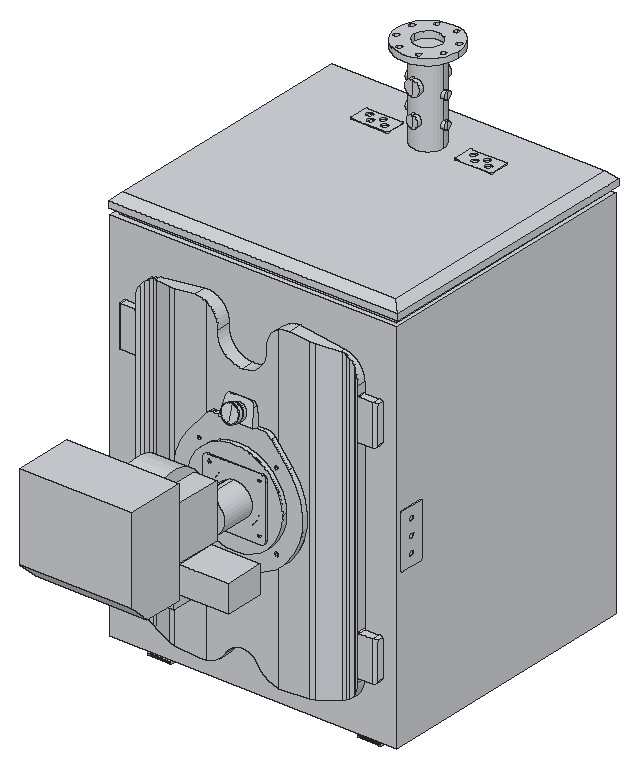
Revit family (continued)
Forms (in)
  Extrusion 97, solid, not visible
    sketch origin (0, -27.83144, -6.38142) x (1, 0, 0) y (0, 0.292372, 0.956305)
      loop
        spline (2.08755, 41.26626) -> (2.06999, 41.34975) -> (2.04482, 41.42785) -> (2.01221, 41.50008) -> (1.97236, 41.56598) -> (1.92552, 41.62514) -> (1.872, 41.67717) -> (1.81212, 41.72176) -> (1.74628, 41.75861) -> (1.67487, 41.7875) -> (1.59837, 41.80824) -> (1.51724, 41.8207) -> (1.43201, 41.8248)
        line (1.43201, 41.8248) -> (0, 41.8248) -> (-1.43201, 41.8248)
        spline (-1.43201, 41.8248) -> (-1.51724, 41.8207) -> (-1.59837, 41.80824) -> (-1.67487, 41.7875) -> (-1.74628, 41.75861) -> (-1.81212, 41.72176) -> (-1.872, 41.67717) -> (-1.92552, 41.62514) -> (-1.97236, 41.56598) -> (-2.01221, 41.50008) -> (-2.04482, 41.42785) -> (-2.06999, 41.34975) -> (-2.08755, 41.26626)
    from 27.23541 to 28.10693
  Extrusion 98, solid, not visible
    sketch origin (0, -15, 0) x (1, 0, 0) y (0, 0, 1)
      loop
        line (-4.84631, 38.02682) -> (-7.37432, 34.89772)
        arc (-7.37432, 34.89772) -> (0, 19.45975) -> (7.37432, 34.89772) r 9.48025
        line (7.37432, 34.89772) -> (4.84589, 38.02735)
        arc (4.84589, 38.02735) -> (4.24578, 38.50127) -> (3.5, 38.67025) r 1.73025
        line (3.5, 38.67025) -> (-3.49911, 38.67025)
        arc (-3.49911, 38.67025) -> (-4.24568, 38.50132) -> (-4.84631, 38.02682) r 1.73025
      loop
        circle (0, 29) r 7
      loop
        arc (5.51635, 34.84021) -> (5.4135, 34.73735) -> (5.37585, 34.59685) r 0.281
        arc (5.37585, 34.59685) -> (5.4135, 34.45635) -> (5.51635, 34.3535) r 0.281
        arc (5.51635, 34.3535) -> (5.65685, 34.31585) -> (5.79735, 34.3535) r 0.281
        arc (5.79735, 34.3535) -> (5.90021, 34.45635) -> (5.93785, 34.59685) r 0.281
        arc (5.93785, 34.59685) -> (5.90021, 34.73735) -> (5.79735, 34.84021) r 0.281
        arc (5.79735, 34.84021) -> (5.65685, 34.87785) -> (5.51635, 34.84021) r 0.281
      loop
        arc (-5.79735, 34.84021) -> (-5.90021, 34.73735) -> (-5.93785, 34.59685) r 0.281
        arc (-5.93785, 34.59685) -> (-5.90021, 34.45635) -> (-5.79735, 34.3535) r 0.281
        arc (-5.79735, 34.3535) -> (-5.65685, 34.31585) -> (-5.51635, 34.3535) r 0.281
        arc (-5.51635, 34.3535) -> (-5.4135, 34.45635) -> (-5.37585, 34.59685) r 0.281
        arc (-5.37585, 34.59685) -> (-5.4135, 34.73735) -> (-5.51635, 34.84021) r 0.281
        arc (-5.51635, 34.84021) -> (-5.65685, 34.87785) -> (-5.79735, 34.84021) r 0.281
      loop
        arc (-5.79735, 23.5265) -> (-5.90021, 23.42365) -> (-5.93785, 23.28315) r 0.281
        arc (-5.93785, 23.28315) -> (-5.90021, 23.14265) -> (-5.79735, 23.03979) r 0.281
        arc (-5.79735, 23.03979) -> (-5.65685, 23.00215) -> (-5.51635, 23.03979) r 0.281
        arc (-5.51635, 23.03979) -> (-5.4135, 23.14265) -> (-5.37585, 23.28315) r 0.281
        arc (-5.37585, 23.28315) -> (-5.4135, 23.42365) -> (-5.51635, 23.5265) r 0.281
        arc (-5.51635, 23.5265) -> (-5.65685, 23.56415) -> (-5.79735, 23.5265) r 0.281
      loop
        arc (5.51635, 23.5265) -> (5.4135, 23.42365) -> (5.37585, 23.28315) r 0.281
        arc (5.37585, 23.28315) -> (5.4135, 23.14265) -> (5.51635, 23.03979) r 0.281
        arc (5.51635, 23.03979) -> (5.65685, 23.00215) -> (5.79735, 23.03979) r 0.281
        arc (5.79735, 23.03979) -> (5.90021, 23.14265) -> (5.93785, 23.28315) r 0.281
        arc (5.93785, 23.28315) -> (5.90021, 23.42365) -> (5.79735, 23.5265) r 0.281
        arc (5.79735, 23.5265) -> (5.65685, 23.56415) -> (5.51635, 23.5265) r 0.281
    from 27.23491 to 27.92983
  Extrusion 99, solid
    sketch origin (0, -6.75908, 0) x (1, 0, 0) y (0, 0, 1)
      loop
        arc (-3.61428, 49.21852) -> (-4.52554, 51.70433) -> (-7.00072, 52.6441) r 3.1875
        arc (-7.00072, 52.6441) -> (-10.28605, 52.32116) -> (-13.5434, 51.78506) r 50.6875
        arc (-13.5434, 51.78506) -> (-15.53151, 50.59477) -> (-16.3125, 48.41316) r 3.4375
        line (-16.3125, 48.41316) -> (-16.3125, 47.1272)
        spline (-16.3125, 47.1272) -> (-16.31357, 47.1109) -> (-16.31674, 47.09488) -> (-16.32198, 47.07943) -> (-16.32919, 47.0648) -> (-16.33824, 47.05124) -> (-16.34899, 47.03899) -> (-16.36124, 47.02824) -> (-16.3748, 47.01919) -> (-16.38943, 47.01198) -> (-16.40488, 47.00674) -> (-16.4209, 47.00357) -> (-16.4372, 47.0025)
        line (-16.4372, 47.0025) -> (-18.50122, 47.0025)
        spline (-18.50122, 47.0025) -> (-18.56642, 46.99824) -> (-18.63047, 46.98553) -> (-18.69228, 46.96458) -> (-18.7508, 46.93576) -> (-18.80503, 46.89954) -> (-18.85406, 46.85656) -> (-18.89704, 46.80753) -> (-18.93326, 46.7533) -> (-18.96208, 46.69478) -> (-18.98303, 46.63297) -> (-18.99574, 46.56892) -> (-19, 46.50372)
        line (-19, 46.50372) -> (-19, 45.315) -> (-18.99264, 45.27669)
        spline (-18.99264, 45.27669) -> (-18.99182, 45.27174) -> (-18.99104, 45.26562) -> (-18.99031, 45.2584) -> (-18.98963, 45.25015) -> (-18.98902, 45.24096) -> (-18.98847, 45.23093) -> (-18.988, 45.22015) -> (-18.9876, 45.20874) -> (-18.98729, 45.19682) -> (-18.98707, 45.18451) -> (-18.98693, 45.17193) -> (-18.98689, 45.15923)
        line (-18.98689, 45.15923) -> (-18.98689, 43.72077)
        spline (-18.98689, 43.72077) -> (-18.98693, 43.70807) -> (-18.98707, 43.69549) -> (-18.98729, 43.68318) -> (-18.9876, 43.67126) -> (-18.988, 43.65985) -> (-18.98847, 43.64907) -> (-18.98902, 43.63904) -> (-18.98963, 43.62985) -> (-18.99031, 43.6216) -> (-18.99104, 43.61438) -> (-18.99182, 43.60826) -> (-18.99264, 43.60331)
        line (-18.99264, 43.60331) -> (-19, 43.565) -> (-19, 41.56378)
        spline (-19, 41.56378) -> (-18.99574, 41.49858) -> (-18.98303, 41.43453) -> (-18.96208, 41.37272) -> (-18.93326, 41.3142) -> (-18.89704, 41.25997) -> (-18.85406, 41.21094) -> (-18.80503, 41.16796) -> (-18.7508, 41.13175) -> (-18.69228, 41.10292) -> (-18.63047, 41.08197) -> (-18.56642, 41.06926) -> (-18.50122, 41.065)
        line (-18.50122, 41.065) -> (-16.43696, 41.065)
        spline (-16.43696, 41.065) -> (-16.42068, 41.06391) -> (-16.40469, 41.06071) -> (-16.38927, 41.05545) -> (-16.37466, 41.04823) -> (-16.36113, 41.03918) -> (-16.3489, 41.02843) -> (-16.33818, 41.01618) -> (-16.32915, 41.00263) -> (-16.32196, 40.98801) -> (-16.31673, 40.97258) -> (-16.31356, 40.95658) -> (-16.3125, 40.9403)
        line (-16.3125, 40.9403) -> (-16.3125, 16.1272)
        spline (-16.3125, 16.1272) -> (-16.31357, 16.1109) -> (-16.31674, 16.09488) -> (-16.32198, 16.07943) -> (-16.32919, 16.0648) -> (-16.33824, 16.05124) -> (-16.34899, 16.03899) -> (-16.36124, 16.02824) -> (-16.3748, 16.01919) -> (-16.38943, 16.01198) -> (-16.40488, 16.00674) -> (-16.4209, 16.00357) -> (-16.4372, 16.0025)
        line (-16.4372, 16.0025) -> (-18.50172, 16.0025)
        spline (-18.50172, 16.0025) -> (-18.56687, 15.99818) -> (-18.63087, 15.98542) -> (-18.69262, 15.96444) -> (-18.75109, 15.93559) -> (-18.80526, 15.89936) -> (-18.85423, 15.85638) -> (-18.89717, 15.80737) -> (-18.93334, 15.75315) -> (-18.96213, 15.69466) -> (-18.98305, 15.63289) -> (-18.99574, 15.56888) -> (-19, 15.50372)
        line (-19, 15.50372) -> (-19, 14.315) -> (-18.99264, 14.27669)
        spline (-18.99264, 14.27669) -> (-18.99182, 14.27174) -> (-18.99104, 14.26562) -> (-18.99031, 14.2584) -> (-18.98963, 14.25015) -> (-18.98902, 14.24096) -> (-18.98847, 14.23093) -> (-18.988, 14.22015) -> (-18.9876, 14.20874) -> (-18.98729, 14.19682) -> (-18.98707, 14.18451) -> (-18.98693, 14.17193) -> (-18.98689, 14.15923)
        line (-18.98689, 14.15923) -> (-18.98689, 12.72077)
        spline (-18.98689, 12.72077) -> (-18.98693, 12.70807) -> (-18.98707, 12.69549) -> (-18.98729, 12.68318) -> (-18.9876, 12.67126) -> (-18.988, 12.65985) -> (-18.98847, 12.64907) -> (-18.98902, 12.63904) -> (-18.98963, 12.62985) -> (-18.99031, 12.6216) -> (-18.99104, 12.61438) -> (-18.99182, 12.60826) -> (-18.99264, 12.60331)
        line (-18.99264, 12.60331) -> (-19, 12.565) -> (-19, 10.56378)
        spline (-19, 10.56378) -> (-18.99574, 10.49858) -> (-18.98303, 10.43453) -> (-18.96208, 10.37272) -> (-18.93326, 10.3142) -> (-18.89704, 10.25997) -> (-18.85406, 10.21094) -> (-18.80503, 10.16796) -> (-18.7508, 10.13175) -> (-18.69228, 10.10292) -> (-18.63047, 10.08197) -> (-18.56642, 10.06926) -> (-18.50122, 10.065)
        line (-18.50122, 10.065) -> (-16.43684, 10.065)
        spline (-16.43684, 10.065) -> (-16.42057, 10.06389) -> (-16.40459, 10.06068) -> (-16.38918, 10.05542) -> (-16.37459, 10.04819) -> (-16.36108, 10.03913) -> (-16.34886, 10.02839) -> (-16.33815, 10.01614) -> (-16.32913, 10.0026) -> (-16.32195, 9.98799) -> (-16.31673, 9.97256) -> (-16.31356, 9.95658) -> (-16.3125, 9.9403)
        line (-16.3125, 9.9403) -> (-16.3125, 9.46684)
        arc (-16.3125, 9.46684) -> (-15.53151, 7.28523) -> (-13.5434, 6.09495) r 3.4375
        arc (-13.5434, 6.09495) -> (-9.91075, 5.51099) -> (-6.2453, 5.19208) r 50.6875
        arc (-6.2453, 5.19208) -> (-3.98491, 5.70109) -> (-2.3142, 7.30643) r 4.3125
        arc (-2.3142, 7.30643) -> (-1.33236, 8.27398) -> (0, 8.6275) r 2.6875
        arc (0, 8.6275) -> (1.33236, 8.27398) -> (2.3142, 7.30643) r 2.6875
        arc (2.3142, 7.30643) -> (3.98491, 5.70109) -> (6.2453, 5.19208) r 4.3125
        arc (6.2453, 5.19208) -> (9.91075, 5.51099) -> (13.5434, 6.09495) r 50.6875
        arc (13.5434, 6.09495) -> (15.53151, 7.28523) -> (16.3125, 9.46684) r 3.4375
        line (16.3125, 9.46684) -> (16.3125, 9.9403)
        spline (16.3125, 9.9403) -> (16.31356, 9.95658) -> (16.31673, 9.97256) -> (16.32195, 9.98799) -> (16.32913, 10.0026) -> (16.33815, 10.01614) -> (16.34886, 10.02839) -> (16.36108, 10.03913) -> (16.37459, 10.04819) -> (16.38918, 10.05542) -> (16.40459, 10.06068) -> (16.42057, 10.06389) -> (16.43684, 10.065)
        line (16.43684, 10.065) -> (18.50122, 10.065)
        spline (18.50122, 10.065) -> (18.56642, 10.06926) -> (18.63047, 10.08197) -> (18.69228, 10.10292) -> (18.7508, 10.13175) -> (18.80503, 10.16796) -> (18.85406, 10.21094) -> (18.89704, 10.25997) -> (18.93326, 10.3142) -> (18.96208, 10.37272) -> (18.98303, 10.43453) -> (18.99574, 10.49858) -> (19, 10.56378)
        line (19, 10.56378) -> (19, 12.565) -> (18.99264, 12.60331)
        spline (18.99264, 12.60331) -> (18.99182, 12.60826) -> (18.99104, 12.61438) -> (18.99031, 12.6216) -> (18.98963, 12.62985) -> (18.98902, 12.63904) -> (18.98847, 12.64907) -> (18.988, 12.65985) -> (18.9876, 12.67126) -> (18.98729, 12.68318) -> (18.98707, 12.69549) -> (18.98693, 12.70807) -> (18.98689, 12.72077)
        line (18.98689, 12.72077) -> (18.98689, 14.15923)
        spline (18.98689, 14.15923) -> (18.98693, 14.17193) -> (18.98707, 14.18451) -> (18.98729, 14.19682) -> (18.9876, 14.20874) -> (18.988, 14.22015) -> (18.98847, 14.23093) -> (18.98902, 14.24096) -> (18.98963, 14.25015) -> (18.99031, 14.2584) -> (18.99104, 14.26562) -> (18.99182, 14.27174) -> (18.99264, 14.27669)
        line (18.99264, 14.27669) -> (19, 14.315) -> (19, 15.50372)
        spline (19, 15.50372) -> (18.99574, 15.56888) -> (18.98305, 15.63289) -> (18.96213, 15.69466) -> (18.93334, 15.75315) -> (18.89717, 15.80737) -> (18.85423, 15.85638) -> (18.80526, 15.89936) -> (18.75109, 15.93559) -> (18.69262, 15.96444) -> (18.63087, 15.98542) -> (18.56687, 15.99818) -> (18.50172, 16.0025)
        line (18.50172, 16.0025) -> (16.4372, 16.0025)
        spline (16.4372, 16.0025) -> (16.4209, 16.00357) -> (16.40488, 16.00674) -> (16.38943, 16.01198) -> (16.3748, 16.01919) -> (16.36124, 16.02824) -> (16.34899, 16.03899) -> (16.33824, 16.05124) -> (16.32919, 16.0648) -> (16.32198, 16.07943) -> (16.31674, 16.09488) -> (16.31357, 16.1109) -> (16.3125, 16.1272)
        line (16.3125, 16.1272) -> (16.3125, 40.9403)
        spline (16.3125, 40.9403) -> (16.31356, 40.95658) -> (16.31673, 40.97258) -> (16.32196, 40.98801) -> (16.32915, 41.00263) -> (16.33818, 41.01618) -> (16.3489, 41.02843) -> (16.36113, 41.03918) -> (16.37466, 41.04823) -> (16.38927, 41.05545) -> (16.40469, 41.06071) -> (16.42068, 41.06391) -> (16.43696, 41.065)
        line (16.43696, 41.065) -> (18.50122, 41.065)
        spline (18.50122, 41.065) -> (18.56642, 41.06926) -> (18.63047, 41.08197) -> (18.69228, 41.10292) -> (18.7508, 41.13175) -> (18.80503, 41.16796) -> (18.85406, 41.21094) -> (18.89704, 41.25997) -> (18.93326, 41.3142) -> (18.96208, 41.37272) -> (18.98303, 41.43453) -> (18.99574, 41.49858) -> (19, 41.56378)
        line (19, 41.56378) -> (19, 43.565) -> (18.99264, 43.60331)
        spline (18.99264, 43.60331) -> (18.99182, 43.60826) -> (18.99104, 43.61438) -> (18.99031, 43.6216) -> (18.98963, 43.62985) -> (18.98902, 43.63904) -> (18.98847, 43.64907) -> (18.988, 43.65985) -> (18.9876, 43.67126) -> (18.98729, 43.68318) -> (18.98707, 43.69549) -> (18.98693, 43.70807) -> (18.98689, 43.72077)
        line (18.98689, 43.72077) -> (18.98689, 45.15923)
        spline (18.98689, 45.15923) -> (18.98693, 45.17193) -> (18.98707, 45.18451) -> (18.98729, 45.19682) -> (18.9876, 45.20874) -> (18.988, 45.22015) -> (18.98847, 45.23093) -> (18.98902, 45.24096) -> (18.98963, 45.25015) -> (18.99031, 45.2584) -> (18.99104, 45.26562) -> (18.99182, 45.27174) -> (18.99264, 45.27669)
        line (18.99264, 45.27669) -> (19, 45.315) -> (19, 46.50372)
        spline (19, 46.50372) -> (18.99574, 46.56892) -> (18.98303, 46.63297) -> (18.96208, 46.69478) -> (18.93326, 46.7533) -> (18.89704, 46.80753) -> (18.85406, 46.85656) -> (18.80503, 46.89954) -> (18.7508, 46.93576) -> (18.69228, 46.96458) -> (18.63047, 46.98553) -> (18.56642, 46.99824) -> (18.50122, 47.0025)
        line (18.50122, 47.0025) -> (16.4372, 47.0025)
        spline (16.4372, 47.0025) -> (16.4209, 47.00357) -> (16.40488, 47.00674) -> (16.38943, 47.01198) -> (16.3748, 47.01919) -> (16.36124, 47.02824) -> (16.34899, 47.03899) -> (16.33824, 47.05124) -> (16.32919, 47.0648) -> (16.32198, 47.07943) -> (16.31674, 47.09488) -> (16.31357, 47.1109) -> (16.3125, 47.1272)
        line (16.3125, 47.1272) -> (16.3125, 48.41316)
        arc (16.3125, 48.41316) -> (15.53151, 50.59477) -> (13.5434, 51.78506) r 3.4375
        arc (13.5434, 51.78506) -> (10.28605, 52.32116) -> (7.00072, 52.6441) r 50.6875
        arc (7.00072, 52.6441) -> (4.52554, 51.70433) -> (3.61428, 49.21852) r 3.1875
        arc (3.61428, 49.21852) -> (2.65991, 46.47718) -> (0, 45.315) r 3.625
        arc (0, 45.315) -> (-2.65991, 46.47718) -> (-3.61428, 49.21852) r 3.625
    from 25.25296 to 28.1175
  Extrusion 100, void
    sketch origin (0.97589, -6.75908, 0) x (1, 0, 0) y (0, 1, 0)
      loop
        line (18.02412, -24.61055) -> (17.92994, -25.95728)
        arc (17.92994, -25.95728) -> (17.77216, -26.28808) -> (17.43116, -26.42241) r 0.5
        line (17.43116, -26.42241) -> (15.26315, -26.42241)
        arc (15.26315, -26.42241) -> (15.01648, -26.35732) -> (14.83402, -26.17902) r 0.5
        arc (14.83402, -26.17902) -> (14.61293, -26.04114) -> (14.35851, -25.98491) r 0.76995
        line (14.35851, -25.98491) -> (13.76265, -25.98491) -> (13.12331, -25.98491)
        arc (13.12331, -25.98491) -> (12.86283, -26.00769) -> (12.61028, -26.07537) r 1.5
        line (12.61028, -26.07537) -> (9.69908, -27.13496)
        arc (9.69908, -27.13496) -> (9.28373, -27.20983) -> (8.86243, -27.23491) r 3.55166
        line (8.86243, -27.23491) -> (4.39482, -27.23491) -> (-6.37273, -27.23491) -> (-10.84033, -27.23491)
        arc (-10.84033, -27.23491) -> (-11.28186, -27.20625) -> (-11.71598, -27.12076) r 3.41583
        line (-11.71598, -27.12076) -> (-14.58818, -26.07537)
        arc (-14.58818, -26.07537) -> (-14.84074, -26.00769) -> (-15.10121, -25.98491) r 1.5
        line (-15.10121, -25.98491) -> (-15.74055, -25.98491) -> (-16.37069, -25.98491)
        arc (-16.37069, -25.98491) -> (-16.60975, -26.04975) -> (-16.81639, -26.18634) r 0.77938
        arc (-16.81639, -26.18634) -> (-16.99812, -26.35942) -> (-17.24105, -26.42241) r 0.5
        line (-17.24105, -26.42241) -> (-19.40906, -26.42241)
        arc (-19.40906, -26.42241) -> (-19.75006, -26.28808) -> (-19.90784, -25.95728) r 0.5
        line (-19.90784, -25.95728) -> (-19.97589, -24.98426) -> (-19.97589, -29.00296) -> (18.02412, -29.00296) -> (18.02412, -24.61055)
    from 0 to 54.3983
  Extrusion 101, solid
    sketch origin (0, -6.75908, 0) x (1, 0, 0) y (0, 0, 1)
      loop
        circle (0, 29) r 7
      loop
        circle (0, 28.94) r 3.375
      loop
        circle (3.53553, 32.47553) r 0.25
      loop
        circle (-3.53553, 32.47553) r 0.25
      loop
        circle (-3.53553, 25.40447) r 0.25
      loop
        circle (3.53553, 25.40447) r 0.25
    from 27.92983 to 28.62038
  Revolve 102, solid
    sketch origin (0, -6.75908, 0) x (0, 1, 0) y (0, 0, 1)
      loop
        line (-28.63671, 41.56616) -> (-29.1555, 41.68593)
        arc (-29.1555, 41.68593) -> (-29.18514, 41.68124) -> (-29.2032, 41.65727) r 0.04005
        line (-29.2032, 41.65727) -> (-29.52826, 40.4441) -> (-28.031, 40.0429) -> (-27.72316, 41.19179) -> (-28.21713, 41.32415) -> (-28.27076, 41.26705) -> (-28.29592, 41.35041) -> (-28.35553, 41.28695) -> (-28.38069, 41.37031) -> (-28.4403, 41.30685) -> (-28.46546, 41.39021) -> (-28.52507, 41.32674) -> (-28.55023, 41.41011) -> (-28.60984, 41.34664) -> (-28.63499, 41.43) -> (-28.68844, 41.37311) -> (-28.63671, 41.56616)
      axis (-29.52828, 40.4441) -> (-28.031, 40.0429)
    angle from 0 to 360
  Extrusion 103, solid
    sketch origin (0, -19.59052, -6.38142) x (1, 0, 0) y (0, 0.292372, 0.956305)
      loop
        line (-2.08755, 41.26626) -> (-2.50293, 38.67025) -> (0, 38.67025) -> (2.50293, 38.67025) -> (2.08755, 41.26626)
        spline (2.08755, 41.26626) -> (2.06999, 41.34975) -> (2.04482, 41.42785) -> (2.01221, 41.50008) -> (1.97236, 41.56598) -> (1.92552, 41.62514) -> (1.872, 41.67717) -> (1.81212, 41.72176) -> (1.74628, 41.75861) -> (1.67487, 41.7875) -> (1.59837, 41.80824) -> (1.51724, 41.8207) -> (1.43201, 41.8248)
        line (1.43201, 41.8248) -> (0, 41.8248) -> (-1.43201, 41.8248)
        spline (-1.43201, 41.8248) -> (-1.51724, 41.8207) -> (-1.59837, 41.80824) -> (-1.67487, 41.7875) -> (-1.74628, 41.75861) -> (-1.81212, 41.72176) -> (-1.872, 41.67717) -> (-1.92552, 41.62514) -> (-1.97236, 41.56598) -> (-2.01221, 41.50008) -> (-2.04482, 41.42785) -> (-2.06999, 41.34975) -> (-2.08755, 41.26626)
    from 27.23541 to 28.10693
  Extrusion 104, solid
    sketch origin (0, -6.75908, 0) x (1, 0, 0) y (0, 0, 1)
      loop
        line (-4.84631, 38.02682) -> (-7.37432, 34.89772)
        arc (-7.37432, 34.89772) -> (0, 19.45975) -> (7.37432, 34.89772) r 9.48025
        line (7.37432, 34.89772) -> (4.84589, 38.02735)
        arc (4.84589, 38.02735) -> (4.24578, 38.50127) -> (3.5, 38.67025) r 1.73025
        line (3.5, 38.67025) -> (-3.49911, 38.67025)
        arc (-3.49911, 38.67025) -> (-4.24568, 38.50132) -> (-4.84631, 38.02682) r 1.73025
      loop
        circle (0, 29) r 7
      loop
        arc (5.51635, 34.84021) -> (5.4135, 34.73735) -> (5.37585, 34.59685) r 0.281
        arc (5.37585, 34.59685) -> (5.4135, 34.45635) -> (5.51635, 34.3535) r 0.281
        arc (5.51635, 34.3535) -> (5.65685, 34.31585) -> (5.79735, 34.3535) r 0.281
        arc (5.79735, 34.3535) -> (5.90021, 34.45635) -> (5.93785, 34.59685) r 0.281
        arc (5.93785, 34.59685) -> (5.90021, 34.73735) -> (5.79735, 34.84021) r 0.281
        arc (5.79735, 34.84021) -> (5.65685, 34.87785) -> (5.51635, 34.84021) r 0.281
      loop
        arc (-5.79735, 34.84021) -> (-5.90021, 34.73735) -> (-5.93785, 34.59685) r 0.281
        arc (-5.93785, 34.59685) -> (-5.90021, 34.45635) -> (-5.79735, 34.3535) r 0.281
        arc (-5.79735, 34.3535) -> (-5.65685, 34.31585) -> (-5.51635, 34.3535) r 0.281
        arc (-5.51635, 34.3535) -> (-5.4135, 34.45635) -> (-5.37585, 34.59685) r 0.281
        arc (-5.37585, 34.59685) -> (-5.4135, 34.73735) -> (-5.51635, 34.84021) r 0.281
        arc (-5.51635, 34.84021) -> (-5.65685, 34.87785) -> (-5.79735, 34.84021) r 0.281
      loop
        arc (-5.79735, 23.5265) -> (-5.90021, 23.42365) -> (-5.93785, 23.28315) r 0.281
        arc (-5.93785, 23.28315) -> (-5.90021, 23.14265) -> (-5.79735, 23.03979) r 0.281
        arc (-5.79735, 23.03979) -> (-5.65685, 23.00215) -> (-5.51635, 23.03979) r 0.281
        arc (-5.51635, 23.03979) -> (-5.4135, 23.14265) -> (-5.37585, 23.28315) r 0.281
        arc (-5.37585, 23.28315) -> (-5.4135, 23.42365) -> (-5.51635, 23.5265) r 0.281
        arc (-5.51635, 23.5265) -> (-5.65685, 23.56415) -> (-5.79735, 23.5265) r 0.281
      loop
        arc (5.51635, 23.5265) -> (5.4135, 23.42365) -> (5.37585, 23.28315) r 0.281
        arc (5.37585, 23.28315) -> (5.4135, 23.14265) -> (5.51635, 23.03979) r 0.281
        arc (5.51635, 23.03979) -> (5.65685, 23.00215) -> (5.79735, 23.03979) r 0.281
        arc (5.79735, 23.03979) -> (5.90021, 23.14265) -> (5.93785, 23.28315) r 0.281
        arc (5.93785, 23.28315) -> (5.90021, 23.42365) -> (5.79735, 23.5265) r 0.281
        arc (5.79735, 23.5265) -> (5.65685, 23.56415) -> (5.51635, 23.5265) r 0.281
    from 27.23491 to 27.92983
  Extrusion 105, solid
    sketch origin (0, -6.75908, 0) x (1, 0, 0) y (0, 0, 1)
      loop
        line (-4.84631, 38.02682) -> (-7.37432, 34.89772)
        arc (-7.37432, 34.89772) -> (0, 19.45975) -> (7.37432, 34.89772) r 9.48025
        line (7.37432, 34.89772) -> (4.84589, 38.02735)
        arc (4.84589, 38.02735) -> (4.24578, 38.50127) -> (3.5, 38.67025) r 1.73025
        line (3.5, 38.67025) -> (-3.49911, 38.67025)
        arc (-3.49911, 38.67025) -> (-4.24568, 38.50132) -> (-4.84631, 38.02682) r 1.73025
      loop
        circle (0, 29) r 7
      loop
        arc (5.51635, 34.84021) -> (5.4135, 34.73735) -> (5.37585, 34.59685) r 0.281
        arc (5.37585, 34.59685) -> (5.4135, 34.45635) -> (5.51635, 34.3535) r 0.281
        arc (5.51635, 34.3535) -> (5.65685, 34.31585) -> (5.79735, 34.3535) r 0.281
        arc (5.79735, 34.3535) -> (5.90021, 34.45635) -> (5.93785, 34.59685) r 0.281
        arc (5.93785, 34.59685) -> (5.90021, 34.73735) -> (5.79735, 34.84021) r 0.281
        arc (5.79735, 34.84021) -> (5.65685, 34.87785) -> (5.51635, 34.84021) r 0.281
      loop
        arc (-5.79735, 34.84021) -> (-5.90021, 34.73735) -> (-5.93785, 34.59685) r 0.281
        arc (-5.93785, 34.59685) -> (-5.90021, 34.45635) -> (-5.79735, 34.3535) r 0.281
        arc (-5.79735, 34.3535) -> (-5.65685, 34.31585) -> (-5.51635, 34.3535) r 0.281
        arc (-5.51635, 34.3535) -> (-5.4135, 34.45635) -> (-5.37585, 34.59685) r 0.281
        arc (-5.37585, 34.59685) -> (-5.4135, 34.73735) -> (-5.51635, 34.84021) r 0.281
        arc (-5.51635, 34.84021) -> (-5.65685, 34.87785) -> (-5.79735, 34.84021) r 0.281
      loop
        arc (-5.79735, 23.5265) -> (-5.90021, 23.42365) -> (-5.93785, 23.28315) r 0.281
        arc (-5.93785, 23.28315) -> (-5.90021, 23.14265) -> (-5.79735, 23.03979) r 0.281
        arc (-5.79735, 23.03979) -> (-5.65685, 23.00215) -> (-5.51635, 23.03979) r 0.281
        arc (-5.51635, 23.03979) -> (-5.4135, 23.14265) -> (-5.37585, 23.28315) r 0.281
        arc (-5.37585, 23.28315) -> (-5.4135, 23.42365) -> (-5.51635, 23.5265) r 0.281
        arc (-5.51635, 23.5265) -> (-5.65685, 23.56415) -> (-5.79735, 23.5265) r 0.281
      loop
        arc (5.51635, 23.5265) -> (5.4135, 23.42365) -> (5.37585, 23.28315) r 0.281
        arc (5.37585, 23.28315) -> (5.4135, 23.14265) -> (5.51635, 23.03979) r 0.281
        arc (5.51635, 23.03979) -> (5.65685, 23.00215) -> (5.79735, 23.03979) r 0.281
        arc (5.79735, 23.03979) -> (5.90021, 23.14265) -> (5.93785, 23.28315) r 0.281
        arc (5.93785, 23.28315) -> (5.90021, 23.42365) -> (5.79735, 23.5265) r 0.281
        arc (5.79735, 23.5265) -> (5.65685, 23.56415) -> (5.51635, 23.5265) r 0.281
    from 27.13496 to 27.92983
  Extrusion 106, solid, not visible
    sketch origin (0, -15, 0) x (1, 0, 0) y (0, 0, 1)
      loop
        line (-4.84631, 38.02682) -> (-7.37432, 34.89772)
        arc (-7.37432, 34.89772) -> (0, 19.45975) -> (7.37432, 34.89772) r 9.48025
        line (7.37432, 34.89772) -> (4.84589, 38.02735)
        arc (4.84589, 38.02735) -> (4.24578, 38.50127) -> (3.5, 38.67025) r 1.73025
        line (3.5, 38.67025) -> (-3.49911, 38.67025)
        arc (-3.49911, 38.67025) -> (-4.24568, 38.50132) -> (-4.84631, 38.02682) r 1.73025
      loop
        circle (0, 29) r 7
      loop
        arc (5.51635, 34.84021) -> (5.4135, 34.73735) -> (5.37585, 34.59685) r 0.281
        arc (5.37585, 34.59685) -> (5.4135, 34.45635) -> (5.51635, 34.3535) r 0.281
        arc (5.51635, 34.3535) -> (5.65685, 34.31585) -> (5.79735, 34.3535) r 0.281
        arc (5.79735, 34.3535) -> (5.90021, 34.45635) -> (5.93785, 34.59685) r 0.281
        arc (5.93785, 34.59685) -> (5.90021, 34.73735) -> (5.79735, 34.84021) r 0.281
        arc (5.79735, 34.84021) -> (5.65685, 34.87785) -> (5.51635, 34.84021) r 0.281
      loop
        arc (-5.79735, 34.84021) -> (-5.90021, 34.73735) -> (-5.93785, 34.59685) r 0.281
        arc (-5.93785, 34.59685) -> (-5.90021, 34.45635) -> (-5.79735, 34.3535) r 0.281
        arc (-5.79735, 34.3535) -> (-5.65685, 34.31585) -> (-5.51635, 34.3535) r 0.281
        arc (-5.51635, 34.3535) -> (-5.4135, 34.45635) -> (-5.37585, 34.59685) r 0.281
        arc (-5.37585, 34.59685) -> (-5.4135, 34.73735) -> (-5.51635, 34.84021) r 0.281
        arc (-5.51635, 34.84021) -> (-5.65685, 34.87785) -> (-5.79735, 34.84021) r 0.281
      loop
        arc (-5.79735, 23.5265) -> (-5.90021, 23.42365) -> (-5.93785, 23.28315) r 0.281
        arc (-5.93785, 23.28315) -> (-5.90021, 23.14265) -> (-5.79735, 23.03979) r 0.281
        arc (-5.79735, 23.03979) -> (-5.65685, 23.00215) -> (-5.51635, 23.03979) r 0.281
        arc (-5.51635, 23.03979) -> (-5.4135, 23.14265) -> (-5.37585, 23.28315) r 0.281
        arc (-5.37585, 23.28315) -> (-5.4135, 23.42365) -> (-5.51635, 23.5265) r 0.281
        arc (-5.51635, 23.5265) -> (-5.65685, 23.56415) -> (-5.79735, 23.5265) r 0.281
      loop
        arc (5.51635, 23.5265) -> (5.4135, 23.42365) -> (5.37585, 23.28315) r 0.281
        arc (5.37585, 23.28315) -> (5.4135, 23.14265) -> (5.51635, 23.03979) r 0.281
        arc (5.51635, 23.03979) -> (5.65685, 23.00215) -> (5.79735, 23.03979) r 0.281
        arc (5.79735, 23.03979) -> (5.90021, 23.14265) -> (5.93785, 23.28315) r 0.281
        arc (5.93785, 23.28315) -> (5.90021, 23.42365) -> (5.79735, 23.5265) r 0.281
        arc (5.79735, 23.5265) -> (5.65685, 23.56415) -> (5.51635, 23.5265) r 0.281
    from 27.13496 to 27.92983
  Extrusion 107, solid
    sketch origin (0, 20.27657, 0) x (0, 1, 0) y (0, 0, 1)
      loop
        line (-42.84376, 1.9975) -> (-42.07699, 0) -> (-39.07699, 0) -> (-38.3892, 1.9975) -> (-42.84376, 1.9975)
    from 13.64682 to 17.0625
  Extrusion 108, solid
    sketch origin (0, -20.27657, 0) x (0, -1, 0) y (0, 0, 1)
      loop
        line (2.29062, 1.9975) -> (-2.16394, 1.9975) -> (-1.47615, 0) -> (1.52385, 0) -> (2.29062, 1.9975)
    from 13.64682 to 17.0625
Cuts and joins
  Sweep 2, Extrusion 30 cuts Extrusion 1
  Extrusion 17, Extrusion 18, Extrusion 19, Extrusion 20, Extrusion 21, Extrusion 22, Extrusion 23, Extrusion 24, Extrusion 25, Extrusion 30, Extrusion 31, Extrusion 32, Extrusion 33, Extrusion 34, Extrusion 35, Extrusion 36, Extrusion 37, Extrusion 38 cuts Extrusion 4
  Extrusion 17, Extrusion 30 cuts Extrusion 3
  Extrusion 18 cuts Extrusion 5
  Extrusion 30 cuts Extrusion 16
  Extrusion 30 cuts Extrusion 27
  Extrusion 30, Extrusion 31, Extrusion 32, Extrusion 33, Extrusion 34, Extrusion 35, Extrusion 36, Extrusion 37, Extrusion 38 cuts Extrusion 28
  Extrusion 30 cuts Extrusion 29
  Extrusion 100 cuts Extrusion 99
  Extrusion 100 cuts Extrusion 104
Dimensions and locks (in)
  aligned and locked: cut or joined group of Extrusion 1, Sweep 2, Extrusion 30 to plane 3 "Left"
  aligned and locked: plane 4 "Right" to cut or joined group of Extrusion 1, Sweep 2, Extrusion 30
  aligned and locked: Extrusion 4 to plane 10 "Top 3"
  aligned and locked: plane 7 "Bottom" to Extrusion 5
  aligned and locked: plane 8 "Top 1" to cut or joined group of Extrusion 1, Sweep 2, Extrusion 30
  aligned and locked: plane 10 "Top 3" to Extrusion 4
  aligned and locked: cut or joined group of Extrusion 1, Sweep 2, Extrusion 30 to plane 9 "Top 2"
  aligned and locked: Extrusion 5 to plane 8 "Top 1"
  aligned and locked: Extrusion 5 to plane 7 "Bottom"
  aligned and locked: plane 5 "Front" to cut or joined group of Extrusion 1, Sweep 2, Extrusion 30
  aligned and locked: cut or joined group of Extrusion 1, Sweep 2, Extrusion 30 to plane 6 "Back"
  aligned and locked: Extrusion 16 to Extrusion 4
  aligned and locked: Extrusion 26 to cut or joined group of Extrusion 5, Extrusion 18
  aligned and locked: Extrusion 28 to Extrusion 29
  aligned and locked: plane 9 "Top 2" to Extrusion 91
Nested families (in)
  nested 1: "C1-GO-10_MOD_UL" at (0.10955, -35.37946, 28.9399), type <- "Burner", visible <- "Show Burner", type "Low Detail"
Connectors (in)
  piping at (0, 0, 73.625)
    settings: on cut or joined group of Extrusion 4, Extrusion 17, Extrusion 18, Extrusion 19, Extrusion 20, Extrusion 21, Extrusion 22, Extrusion 23, Extrusion 24, Extrusion 25, Extrusion 30, Extrusion 31, Extrusion 32, Extrusion 33, Extrusion 34, Extrusion 35, Extrusion 36, Extrusion 37, Extrusion 38, index 1
  piping at (0.00197, 14.02133, 48.99101)
    settings: on cut or joined group of Extrusion 28, Extrusion 30, Extrusion 31, Extrusion 32, Extrusion 33, Extrusion 34, Extrusion 35, Extrusion 36, Extrusion 37, Extrusion 38, index 2
  piping at (0, 10.11351, 29)
    settings: on Extrusion 26, index 3
  piping at (0, 8.60476, 5.65946)
    settings: on Revolve 51, index 4
  piping at (0, -2.87887, 68.49557)
    settings: on Revolve 76, index 5
  piping at (0, -2.87887, 64.06335)
    settings: on Revolve 79, index 6
  piping at (0, 2.2777, 64.81335)
    settings: on Revolve 78, index 7
  piping at (2.25, 0, 67.31321)
    settings: on Revolve 56, index 8
  piping at (2.25, 0, 63.33053)
    settings: on Revolve 70, index 9
  piping at (0, 2.25302, 68.49557)
    settings: on Revolve 77, index 10
  piping at (-2.875, 0, 68.06321)
    settings: on Revolve 71, index 11
  piping at (-2.875, 0, 64.09446)
    settings: on Revolve 72, index 12
  piping at (0, -2.87887, 68.49557)
    settings: on Revolve 80, index 186
  piping at (0, -2.87887, 64.06335)
    settings: on Revolve 83, index 187
  piping at (0, 2.2777, 64.81335)
    settings: on Revolve 82, index 188
  piping at (2.25, 0, 67.31321)
    settings: on Revolve 69, index 189
  piping at (2.25, 0, 63.33053)
    settings: on Revolve 73, index 190
  piping at (0, 2.25302, 68.49557)
    settings: on Revolve 81, index 191
  piping at (-2.875, 0, 68.06321)
    settings: on Revolve 74, index 192
  piping at (-2.875, 0, 64.09446)
    settings: on Revolve 75, index 193
  piping at (0, 9.8257, 52.03856)
    settings: on Revolve 52, index 29
  piping at (0, 9.8257, 45.70547)
    settings: on Revolve 54, index 30
  piping at (0, -43.62038, 28.94)
    settings: on Extrusion 95, index 176
  piping at (0, -35.37946, 28.94)
    settings: on Extrusion 101, index 105
  piping at (0, -35.73604, 40.29637)
    settings: on Revolve 102, index 110
  piping at (0, -43.97696, 40.29637)
    settings: on Revolve 96, index 177
Definition of nested family "C1-GO-10_MOD_UL"
  Parameters (values of type "Low Detail")
    Burner Low Detail = yes
    Burner High Detail = no
  Types (3): name | Burner Low Detail | Burner High Detail
    (no name) | yes | no
    Low Detail | yes | no
    High Detail | no | yes
  Reference planes (in)
    plane 1 "Center (Front/Back)": y = 0
    plane 2: z = 0
    plane 3 "Center (Left/Right)": x = 0
  Forms (in)
    Extrusion 1, solid
      sketch origin (0, 0, 0) x (1, 0, 0) y (0, 1, 0)
        loop
          line (-7.84625, -21.012) -> (-7.84625, -29.67593) -> (8.52812, -29.67593) -> (8.52812, -21.012) -> (-7.84625, -21.012)
      from -1.1875 to 14.11092
    Revolve 2, solid, visible <- "Burner Low Detail"
      sketch origin (0, 0, 0) x (0, 1, 0) y (0, 0, 1)
        loop
          line (0.05262, 2.5) -> (-5.01981, 2.5) -> (-5.01981, 0) -> (-4.89481, 0) -> (-4.89481, 2.375) -> (0.17762, 2.375) -> (0.17762, 3.49246) -> (2.56325, 3.49246) -> (3.13384, 2.99645) -> (3.13384, 2.9375) -> (3.25884, 2.9375) -> (3.25884, 3.05342) -> (2.60999, 3.61746) -> (0.05262, 3.61746) -> (0.05262, 2.5)
        axis (3.25884, 0) -> (-5.01981, 0)
      angle from 0 to 360
    Extrusion 3, solid
      sketch origin (0, 0, 0) x (1, 0, 0) y (0, 1, 0)
        loop
          line (2.6299, -10.98624) -> (2.6299, -17.65816) -> (6.01487, -17.65816) -> (6.01487, -10.98624) -> (2.6299, -10.98624)
      from 1.43738 to 9.28615
    Extrusion 4, solid
      sketch origin (0, -8.25, -1.5) x (0, 1, 0) y (0, 0, 1)
        loop
          circle (-6.12695, 7.06113) r 2.84034
      from -10.00674 to -2.7247
    Extrusion 5, solid
      sketch origin (0, -8.4074, -3.6998) x (0, 1, 0) y (0, 0, 1)
        loop
          circle (-6.09227, 9.39065) r 5.25
      from -2.7247 to 2.6299
    Extrusion 6, solid
      sketch origin (11.5, 0, 0) x (1, 0, 0) y (0, 1, 0)
        loop
          line (-7.6825, -9.1168) -> (-7.6825, -14.94442) -> (-0.57626, -14.94442) -> (-0.57626, -9.1168) -> (-7.6825, -9.1168)
      from -4.80697 to -0.78125
    Extrusion 7, solid
      sketch origin (20.75, 0, 0) x (1, 0, 0) y (0, 1, 0)
        loop
          line (-23.4747, -9.1168) -> (-23.4747, -21.012) -> (-18.0155, -21.012) -> (-18.0155, -9.1168) -> (-23.4747, -9.1168)
      from -3.8125 to 3.8125
    Extrusion 8, solid
      sketch origin (36.92829, 7.89068, 0) x (1, 0, 0) y (0, 1, 0)
        loop
          line (-39.65299, -17.18678) -> (-39.65299, -21.65232) -> (-34.90714, -21.65232) -> (-34.90714, -17.18678) -> (-39.65299, -17.18678)
      from -7.87701 to -3.7079
    Extrusion 9, solid
      sketch origin (0, 0, 0) x (1, 0, 0) y (0, 1, 0)
        loop
          line (-2.7247, -18.17593) -> (-2.8293, -18.17593) -> (-2.8293, -20.8028)
          arc (-2.8293, -20.8028) -> (-2.85994, -20.87676) -> (-2.9339, -20.9074) r 0.1046
          line (-2.9339, -20.9074) -> (-5.34685, -20.9074) -> (-5.34685, -21.012) -> (-2.9339, -21.012)
          arc (-2.9339, -21.012) -> (-2.78597, -20.95073) -> (-2.7247, -20.8028) r 0.2092
          line (-2.7247, -20.8028) -> (-2.7247, -18.17593)
        loop
          line (2.73508, -18.17593) -> (2.73508, -20.8028)
          arc (2.73508, -20.8028) -> (2.79635, -20.95073) -> (2.94428, -21.012) r 0.2092
          line (2.94428, -21.012) -> (5.35723, -21.012) -> (5.35723, -20.9074) -> (2.94428, -20.9074)
          arc (2.94428, -20.9074) -> (2.87032, -20.87676) -> (2.83968, -20.8028) r 0.1046
          line (2.83968, -20.8028) -> (2.83968, -18.17593) -> (2.73508, -18.17593)
      from 2.31503 to 9.97563
    Extrusion 10, void
      sketch origin (0, 0, 0) x (0, 1, 0) y (0, 0, 1)
        loop
          line (-29.67593, 1.5) -> (-29.67593, -1.1875) -> (-26.8279, -1.1875) -> (-29.67593, 1.5)
      from -8.46788 to 8.52812
    Extrusion 11, solid, visible <- "Burner Low Detail"
      sketch origin (0, 0, 0) x (1, 0, 0) y (0, 0, 1)
        loop
          line (3.88, 4.625) -> (-3.87, 4.625)
          arc (-3.87, 4.625) -> (-4.40033, 4.40533) -> (-4.62, 3.875) r 0.75
          line (-4.62, 3.875) -> (-4.62, -3.875)
          arc (-4.62, -3.875) -> (-4.40033, -4.40533) -> (-3.87, -4.625) r 0.75
          line (-3.87, -4.625) -> (3.8175, -4.625)
          arc (3.8175, -4.625) -> (4.39202, -4.38702) -> (4.63, -3.8125) r 0.8125
          line (4.63, -3.8125) -> (4.63, 3.875)
          arc (4.63, 3.875) -> (4.41033, 4.40533) -> (3.88, 4.625) r 0.75
        loop
          line (-3.30203, -3.61166) -> (-3.4474, -3.35987) -> (-3.76644, -3.35987) -> (-3.92422, -3.63316) -> (-3.77475, -3.89205) -> (-3.46392, -3.89205) -> (-3.30203, -3.61166)
        loop
          line (3.94015, -3.61166) -> (3.79479, -3.35987) -> (3.47574, -3.35987) -> (3.31797, -3.63316) -> (3.46744, -3.89205) -> (3.77827, -3.89205) -> (3.94015, -3.61166)
        loop
          line (3.94015, 3.63834) -> (3.79479, 3.89013) -> (3.47574, 3.89013) -> (3.31797, 3.61684) -> (3.46744, 3.35795) -> (3.77827, 3.35795) -> (3.94015, 3.63834)
        loop
          line (-3.30985, 3.63834) -> (-3.45521, 3.89013) -> (-3.77426, 3.89013) -> (-3.93203, 3.61684) -> (-3.78256, 3.35795) -> (-3.47173, 3.35795) -> (-3.30985, 3.63834)
      from 0 to 0.14977
    Extrusion 12, solid, visible <- "Burner Low Detail"
      sketch origin (0, 0, 0) x (1, 0, 0) y (0, 0, 1)
        loop
          circle (0.00062, 0.0001) r 0.15156
      from 0 to 9.1168
    Extrusion 13, solid, not visible
      sketch origin (0, 0, 0) x (1, 0, 0) y (0, 1, 0)
        loop
          line (-7.84625, -21.012) -> (-7.84625, -29.67593) -> (8.52812, -29.67593) -> (8.52812, -21.012) -> (-7.84625, -21.012)
      from -1.1875 to 14.11092
    Revolve 14, solid, not visible
      sketch origin (0, 0, 0) x (0, 1, 0) y (0, 0, 1)
        loop
          line (0.05262, 2.5) -> (-5.01981, 2.5) -> (-5.01981, 0) -> (-4.89481, 0) -> (-4.89481, 2.375) -> (0.17762, 2.375) -> (0.17762, 3.49246) -> (2.56325, 3.49246) -> (3.13384, 2.99645) -> (3.13384, 2.9375) -> (3.25884, 2.9375) -> (3.25884, 3.05342) -> (2.60999, 3.61746) -> (0.05262, 3.61746) -> (0.05262, 2.5)
        axis (3.25884, 0) -> (-5.01981, 0)
      angle from 0 to 360
    Extrusion 15, solid, not visible
      sketch origin (0, 0, 0) x (1, 0, 0) y (0, 1, 0)
        loop
          line (2.6299, -10.98624) -> (2.6299, -17.65816) -> (6.01487, -17.65816) -> (6.01487, -10.98624) -> (2.6299, -10.98624)
      from 1.43738 to 9.28615
    Extrusion 16, solid, not visible
      sketch origin (0, -8.25, -1.5) x (0, 1, 0) y (0, 0, 1)
        loop
          circle (-6.12695, 7.06113) r 2.84034
      from -10.00674 to -2.7247
    Extrusion 17, solid, not visible
      sketch origin (0, -8.4074, -3.6998) x (0, 1, 0) y (0, 0, 1)
        loop
          circle (-6.09227, 9.39065) r 5.25
      from -2.7247 to 2.6299
    Extrusion 18, solid, not visible
      sketch origin (11.5, 0, 0) x (1, 0, 0) y (0, 1, 0)
        loop
          line (-7.6825, -9.1168) -> (-7.6825, -14.94442) -> (-0.57626, -14.94442) -> (-0.57626, -9.1168) -> (-7.6825, -9.1168)
      from -4.80697 to -0.78125
    Extrusion 19, solid, not visible
      sketch origin (20.75, 0, 0) x (1, 0, 0) y (0, 1, 0)
        loop
          line (-23.4747, -9.1168) -> (-23.4747, -21.012) -> (-18.0155, -21.012) -> (-18.0155, -9.1168) -> (-23.4747, -9.1168)
      from -3.8125 to 3.8125
    Extrusion 20, solid, not visible
      sketch origin (36.92829, 7.89068, 0) x (1, 0, 0) y (0, 1, 0)
        loop
          line (-39.65299, -17.18678) -> (-39.65299, -21.65232) -> (-34.90714, -21.65232) -> (-34.90714, -17.18678) -> (-39.65299, -17.18678)
      from -7.87701 to -3.7079
    Extrusion 21, solid, not visible
      sketch origin (0, 0, 0) x (1, 0, 0) y (0, 1, 0)
        loop
          line (-2.7247, -18.17593) -> (-2.8293, -18.17593) -> (-2.8293, -20.8028)
          arc (-2.8293, -20.8028) -> (-2.85994, -20.87676) -> (-2.9339, -20.9074) r 0.1046
          line (-2.9339, -20.9074) -> (-5.34685, -20.9074) -> (-5.34685, -21.012) -> (-2.9339, -21.012)
          arc (-2.9339, -21.012) -> (-2.78597, -20.95073) -> (-2.7247, -20.8028) r 0.2092
          line (-2.7247, -20.8028) -> (-2.7247, -18.17593)
        loop
          line (2.73508, -18.17593) -> (2.73508, -20.8028)
          arc (2.73508, -20.8028) -> (2.79635, -20.95073) -> (2.94428, -21.012) r 0.2092
          line (2.94428, -21.012) -> (5.35723, -21.012) -> (5.35723, -20.9074) -> (2.94428, -20.9074)
          arc (2.94428, -20.9074) -> (2.87032, -20.87676) -> (2.83968, -20.8028) r 0.1046
          line (2.83968, -20.8028) -> (2.83968, -18.17593) -> (2.73508, -18.17593)
      from 2.31503 to 9.97563
    Extrusion 22, void, not visible
      sketch origin (0, 0, 0) x (0, 1, 0) y (0, 0, 1)
        loop
          line (-29.67593, 1.5) -> (-29.67593, -1.1875) -> (-26.8279, -1.1875) -> (-29.67593, 1.5)
      from -8.46788 to 8.52812
    Extrusion 23, solid, not visible
      sketch origin (0, 0, 0) x (1, 0, 0) y (0, 0, 1)
        loop
          line (3.88, 4.625) -> (-3.87, 4.625)
          arc (-3.87, 4.625) -> (-4.40033, 4.40533) -> (-4.62, 3.875) r 0.75
          line (-4.62, 3.875) -> (-4.62, -3.875)
          arc (-4.62, -3.875) -> (-4.40033, -4.40533) -> (-3.87, -4.625) r 0.75
          line (-3.87, -4.625) -> (3.8175, -4.625)
          arc (3.8175, -4.625) -> (4.39202, -4.38702) -> (4.63, -3.8125) r 0.8125
          line (4.63, -3.8125) -> (4.63, 3.875)
          arc (4.63, 3.875) -> (4.41033, 4.40533) -> (3.88, 4.625) r 0.75
        loop
          line (-3.30203, -3.61166) -> (-3.4474, -3.35987) -> (-3.76644, -3.35987) -> (-3.92422, -3.63316) -> (-3.77475, -3.89205) -> (-3.46392, -3.89205) -> (-3.30203, -3.61166)
        loop
          line (3.94015, -3.61166) -> (3.79479, -3.35987) -> (3.47574, -3.35987) -> (3.31797, -3.63316) -> (3.46744, -3.89205) -> (3.77827, -3.89205) -> (3.94015, -3.61166)
        loop
          line (3.94015, 3.63834) -> (3.79479, 3.89013) -> (3.47574, 3.89013) -> (3.31797, 3.61684) -> (3.46744, 3.35795) -> (3.77827, 3.35795) -> (3.94015, 3.63834)
        loop
          line (-3.30985, 3.63834) -> (-3.45521, 3.89013) -> (-3.77426, 3.89013) -> (-3.93203, 3.61684) -> (-3.78256, 3.35795) -> (-3.47173, 3.35795) -> (-3.30985, 3.63834)
      from 0 to 0.14977
    Extrusion 24, solid, not visible
      sketch origin (0, 0, 0) x (1, 0, 0) y (0, 0, 1)
        loop
          circle (0.00062, 0.0001) r 0.15156
      from 0 to 9.1168
  Cuts and joins
    Extrusion 10 cuts Extrusion 1
    joined: Extrusion 3, Extrusion 5, Extrusion 7
